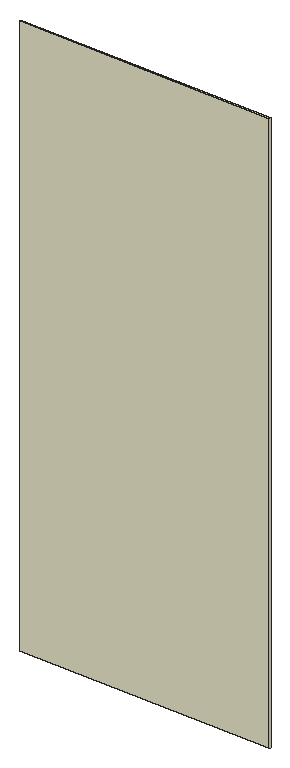
Revit family "MDR MR Honeycomb", category Generic Models, Revit 2017
Family settings
  Can host rebar = No
  Round Connector Dimension = Use Diameter
  Part Type = Normal
  Work Plane-Based = No
  Always vertical = Yes
  Cut with Voids When Loaded = No
  Shared = Yes
  Room Calculation Point = No
Parameters (values of type "2720 x 1200")
  Primed Finich Code = "EX27 MR-HON"  # constant formula
  Panel_width = 1200 mm  # constant formula
  Panel_thickness = 9.5 mm  # constant formula
  Material = none
  URL = "https://www.easycraft.com.au/products/253/expression-series"
  Model = "Expression Series - Honeycomb"  # constant formula
  Manufacturer = "Easycraft Australia Pty Ltd ph 07 3906 7200"  # constant formula
  Panel_height = 2720 mm  # constant formula
  Description = "MDF MR"  # constant formula
  Assembly Code = ""
Reference planes
  plane 1 "Center (Front/Back)": y = 0
  plane 2: z = 0
  plane 3 "Center (Left/Right)": x = 0
  plane 4 "Panel face": y = -9.5
  plane 5: z = 2720
Forms (mm)
  Extrusion 1, solid, material "CLAD smooth"
    sketch origin (0, 0, 0) x (1, 0, 0) y (0, 1, 0)
      loop
        line (0, 0) -> (0, -9.5) -> (1200, -9.5) -> (1200, 0) -> (0, 0)
    from 0 to 2720
Lines and regions (mm)
  model lines, style "easycraft expressions pattern"
    curve 1: line (1170.784, -9.5, 2657.877) -> (1200, -9.5, 2657.877)
    curve 2: line (1170.784, -9.5, 2534.253) -> (1200, -9.5, 2534.253)
    curve 3: line (1129.224, -9.5, 2596.064) -> (1070.792, -9.5, 2596.064)
    curve 4: line (1170.784, -9.5, 2410.631) -> (1200, -9.5, 2410.631)
    curve 5: line (1170.784, -9.5, 2287.008) -> (1200, -9.5, 2287.008)
    curve 6: line (1129.224, -9.5, 2348.82) -> (1070.792, -9.5, 2348.82)
    curve 7: line (1170.783, -9.5, 2163.386) -> (1200, -9.5, 2163.386)
    curve 8: line (1129.224, -9.5, 2225.197) -> (1070.792, -9.5, 2225.197)
    curve 9: line (1170.783, -9.5, 2039.765) -> (1200, -9.5, 2039.765)
    curve 10: line (1129.225, -9.5, 2101.575) -> (1070.792, -9.5, 2101.575)
    curve 11: line (1170.784, -9.5, 1916.143) -> (1200, -9.5, 1916.143)
    curve 12: line (1129.224, -9.5, 1977.954) -> (1070.792, -9.5, 1977.954)
    curve 13: line (1170.784, -9.5, 1792.521) -> (1200, -9.5, 1792.521)
    curve 14: line (1129.224, -9.5, 1854.332) -> (1070.792, -9.5, 1854.332)
    curve 15: line (1170.784, -9.5, 1668.899) -> (1200, -9.5, 1668.899)
    curve 16: line (1129.224, -9.5, 1730.709) -> (1070.792, -9.5, 1730.709)
    curve 17: line (1170.784, -9.5, 1545.276) -> (1200, -9.5, 1545.276)
    curve 18: line (1129.224, -9.5, 1607.087) -> (1070.792, -9.5, 1607.087)
    curve 19: line (1170.784, -9.5, 1421.656) -> (1200, -9.5, 1421.656)
    curve 20: line (1129.224, -9.5, 1483.465) -> (1070.792, -9.5, 1483.465)
    curve 21: line (1170.784, -9.5, 1298.033) -> (1200, -9.5, 1298.033)
    curve 22: line (1129.224, -9.5, 1359.844) -> (1070.793, -9.5, 1359.844)
    curve 23: line (1170.784, -9.5, 1174.411) -> (1200, -9.5, 1174.411)
    curve 24: line (1129.224, -9.5, 1236.222) -> (1070.792, -9.5, 1236.222)
    curve 25: line (1170.784, -9.5, 1050.789) -> (1200, -9.5, 1050.789)
    curve 26: line (1129.224, -9.5, 1112.6) -> (1070.793, -9.5, 1112.6)
    curve 27: line (1170.784, -9.5, 927.167) -> (1200, -9.5, 927.167)
    curve 28: line (1129.224, -9.5, 988.978) -> (1070.791, -9.5, 988.978)
    curve 29: line (1170.784, -9.5, 803.543) -> (1200, -9.5, 803.543)
    curve 30: line (1129.224, -9.5, 865.355) -> (1070.792, -9.5, 865.355)
    curve 31: line (1170.784, -9.5, 679.922) -> (1200, -9.5, 679.922)
    curve 32: line (1129.224, -9.5, 741.733) -> (1070.793, -9.5, 741.733)
    curve 33: line (1170.784, -9.5, 556.3) -> (1200, -9.5, 556.3)
    curve 34: line (1129.224, -9.5, 618.111) -> (1070.791, -9.5, 618.111)
    curve 35: line (1170.784, -9.5, 432.677) -> (1200, -9.5, 432.677)
    curve 36: line (1129.224, -9.5, 494.488) -> (1070.792, -9.5, 494.488)
    curve 37: line (1170.784, -9.5, 309.056) -> (1200, -9.5, 309.056)
    curve 38: line (1129.224, -9.5, 370.868) -> (1070.793, -9.5, 370.868)
    curve 39: line (1170.784, -9.5, 185.434) -> (1200, -9.5, 185.434)
    curve 40: line (1129.224, -9.5, 247.244) -> (1070.791, -9.5, 247.244)
    curve 41: line (1170.785, -9.5, 61.811) -> (1200, -9.5, 61.811)
    curve 42: line (1129.224, -9.5, 123.624) -> (1070.791, -9.5, 123.624)
    curve 43: line (1070.792, -9.5, 2472.441) -> (1029.233, -9.5, 2534.252)
    curve 44: line (1029.233, -9.5, 2534.252) -> (1070.792, -9.5, 2596.064)
    curve 45: line (1070.792, -9.5, 2596.064) -> (1029.233, -9.5, 2657.876)
    curve 46: line (1029.233, -9.5, 2657.876) -> (1070.792, -9.5, 2719.689)
    curve 47: line (1129.224, -9.5, 2719.688) -> (1170.784, -9.5, 2657.877)
    curve 48: line (1170.784, -9.5, 2657.877) -> (1129.224, -9.5, 2596.064)
    curve 49: line (1129.224, -9.5, 2596.064) -> (1170.784, -9.5, 2534.253)
    curve 50: line (1170.784, -9.5, 2534.253) -> (1129.224, -9.5, 2472.442)
    curve 51: line (1129.224, -9.5, 2472.442) -> (1170.784, -9.5, 2410.631)
    curve 52: line (1170.784, -9.5, 2410.631) -> (1129.224, -9.5, 2348.82)
    curve 53: line (1129.224, -9.5, 2348.82) -> (1170.784, -9.5, 2287.008)
    curve 54: line (1170.784, -9.5, 2287.008) -> (1129.224, -9.5, 2225.196)
    curve 55: line (1129.224, -9.5, 2225.196) -> (1170.783, -9.5, 2163.386)
    curve 56: line (1170.784, -9.5, 2163.385) -> (1129.225, -9.5, 2101.575)
    curve 57: line (1129.224, -9.5, 2101.574) -> (1170.783, -9.5, 2039.765)
    curve 58: line (1170.784, -9.5, 2039.765) -> (1129.224, -9.5, 1977.953)
    curve 59: line (1129.224, -9.5, 1977.953) -> (1170.784, -9.5, 1916.143)
    curve 60: line (1170.784, -9.5, 1916.143) -> (1129.224, -9.5, 1854.332)
    curve 61: line (1129.224, -9.5, 1854.332) -> (1170.784, -9.5, 1792.521)
    curve 62: line (1170.784, -9.5, 1792.521) -> (1129.224, -9.5, 1730.709)
    curve 63: line (1129.224, -9.5, 1730.709) -> (1170.784, -9.5, 1668.899)
    curve 64: line (1170.784, -9.5, 1668.899) -> (1129.224, -9.5, 1607.087)
    curve 65: line (1129.224, -9.5, 1607.087) -> (1170.784, -9.5, 1545.276)
    curve 66: line (1170.784, -9.5, 1545.276) -> (1129.224, -9.5, 1483.465)
    curve 67: line (1129.224, -9.5, 1483.465) -> (1170.784, -9.5, 1421.656)
    curve 68: line (1170.784, -9.5, 1421.656) -> (1129.224, -9.5, 1359.844)
    curve 69: line (1129.224, -9.5, 1359.844) -> (1170.784, -9.5, 1298.033)
    curve 70: line (1170.784, -9.5, 1298.033) -> (1129.224, -9.5, 1236.222)
    curve 71: line (1129.224, -9.5, 1236.222) -> (1170.784, -9.5, 1174.411)
    curve 72: line (1170.784, -9.5, 1174.411) -> (1129.224, -9.5, 1112.6)
    curve 73: line (1129.224, -9.5, 1112.6) -> (1170.784, -9.5, 1050.789)
    curve 74: line (1170.784, -9.5, 1050.789) -> (1129.224, -9.5, 988.978)
    curve 75: line (1129.224, -9.5, 988.978) -> (1170.784, -9.5, 927.167)
    curve 76: line (1170.784, -9.5, 927.167) -> (1129.224, -9.5, 865.355)
    curve 77: line (1129.224, -9.5, 865.355) -> (1170.784, -9.5, 803.545)
    curve 78: line (1170.784, -9.5, 803.545) -> (1129.224, -9.5, 741.733)
    curve 79: line (1129.224, -9.5, 741.733) -> (1170.784, -9.5, 679.922)
    curve 80: line (1170.784, -9.5, 679.922) -> (1129.224, -9.5, 618.111)
    curve 81: line (1129.224, -9.5, 618.111) -> (1170.784, -9.5, 556.3)
    curve 82: line (1170.784, -9.5, 556.3) -> (1129.224, -9.5, 494.488)
    curve 83: line (1129.224, -9.5, 494.489) -> (1170.784, -9.5, 432.678)
    curve 84: line (1170.784, -9.5, 432.678) -> (1129.224, -9.5, 370.868)
    curve 85: line (1129.224, -9.5, 370.868) -> (1170.784, -9.5, 309.056)
    curve 86: line (1170.784, -9.5, 309.056) -> (1129.224, -9.5, 247.244)
    curve 87: line (1129.224, -9.5, 247.244) -> (1170.784, -9.5, 185.434)
    curve 88: line (1170.784, -9.5, 185.434) -> (1129.224, -9.5, 123.624)
    curve 89: line (1129.224, -9.5, 123.624) -> (1170.785, -9.5, 61.811)
    curve 90: line (1170.784, -9.5, 61.812) -> (1129.224, -9.5, 0)
    curve 91: line (1070.792, -9.5, 0.001) -> (1029.232, -9.5, 61.812)
    curve 92: line (1029.232, -9.5, 61.812) -> (1070.792, -9.5, 123.622)
    curve 93: line (1070.791, -9.5, 123.624) -> (1029.233, -9.5, 185.434)
    curve 94: line (1029.233, -9.5, 185.434) -> (1070.792, -9.5, 247.244)
    curve 95: line (1070.791, -9.5, 247.244) -> (1029.233, -9.5, 309.054)
    curve 96: line (1029.233, -9.5, 309.054) -> (1070.793, -9.5, 370.868)
    curve 97: line (1070.792, -9.5, 370.867) -> (1029.233, -9.5, 432.678)
    curve 98: line (1029.233, -9.5, 432.678) -> (1070.792, -9.5, 494.489)
    curve 99: line (1070.792, -9.5, 494.489) -> (1029.233, -9.5, 556.3)
    curve 100: line (1029.233, -9.5, 556.3) -> (1070.792, -9.5, 618.11)
    curve 101: line (1070.791, -9.5, 618.111) -> (1029.233, -9.5, 679.921)
    curve 102: line (1029.233, -9.5, 679.921) -> (1070.793, -9.5, 741.733)
    curve 103: line (1070.792, -9.5, 741.732) -> (1029.233, -9.5, 803.543)
    curve 104: line (1029.233, -9.5, 803.543) -> (1070.792, -9.5, 865.355)
    curve 105: line (1070.792, -9.5, 865.355) -> (1029.233, -9.5, 927.167)
    curve 106: line (1029.233, -9.5, 927.167) -> (1070.792, -9.5, 988.976)
    curve 107: line (1070.791, -9.5, 988.978) -> (1029.233, -9.5, 1050.788)
    curve 108: line (1029.233, -9.5, 1050.788) -> (1070.793, -9.5, 1112.6)
    curve 109: line (1070.792, -9.5, 1112.598) -> (1029.233, -9.5, 1174.41)
    curve 110: line (1029.233, -9.5, 1174.41) -> (1070.792, -9.5, 1236.222)
    curve 111: line (1070.792, -9.5, 1236.222) -> (1029.233, -9.5, 1298.031)
    curve 112: line (1029.233, -9.5, 1298.031) -> (1070.793, -9.5, 1359.844)
    curve 113: line (1070.792, -9.5, 1359.843) -> (1029.233, -9.5, 1421.654)
    curve 114: line (1029.233, -9.5, 1421.654) -> (1070.792, -9.5, 1483.465)
    curve 115: line (1070.792, -9.5, 1483.465) -> (1029.233, -9.5, 1545.276)
    curve 116: line (1029.233, -9.5, 1545.276) -> (1070.792, -9.5, 1607.087)
    curve 117: line (1070.792, -9.5, 1607.087) -> (1029.233, -9.5, 1668.899)
    curve 118: line (1029.233, -9.5, 1668.899) -> (1070.792, -9.5, 1730.709)
    curve 119: line (1070.792, -9.5, 1730.709) -> (1029.233, -9.5, 1792.521)
    curve 120: line (1029.233, -9.5, 1792.521) -> (1070.792, -9.5, 1854.332)
    curve 121: line (1070.792, -9.5, 1854.332) -> (1029.233, -9.5, 1916.143)
    curve 122: line (1029.233, -9.5, 1916.143) -> (1070.792, -9.5, 1977.953)
    curve 123: line (1070.792, -9.5, 1977.953) -> (1029.233, -9.5, 2039.763)
    curve 124: line (1029.233, -9.5, 2039.763) -> (1070.792, -9.5, 2101.574)
    curve 125: line (1070.792, -9.5, 2101.574) -> (1029.233, -9.5, 2163.384)
    curve 126: line (1029.233, -9.5, 2163.384) -> (1070.792, -9.5, 2225.195)
    curve 127: line (1070.792, -9.5, 2225.195) -> (1029.233, -9.5, 2287.008)
    curve 128: line (1029.233, -9.5, 2287.008) -> (1070.792, -9.5, 2348.818)
    curve 129: line (1070.792, -9.5, 2348.818) -> (1029.233, -9.5, 2410.63)
    curve 130: line (1029.233, -9.5, 2410.63) -> (1070.792, -9.5, 2472.442)
    curve 131: line (1070.792, -9.5, 2472.442) -> (1129.224, -9.5, 2472.442)
    curve 132: line (1029.233, -9.5, 2657.876) -> (970.8, -9.5, 2657.876)
    curve 133: line (970.8, -9.5, 2657.876) -> (929.241, -9.5, 2596.062)
    curve 134: line (929.241, -9.5, 2596.062) -> (970.799, -9.5, 2534.252)
    curve 135: line (970.8, -9.5, 2534.251) -> (929.241, -9.5, 2472.44)
    curve 136: line (929.241, -9.5, 2472.44) -> (970.8, -9.5, 2410.628)
    curve 137: line (1029.233, -9.5, 2534.252) -> (970.799, -9.5, 2534.252)
    curve 138: line (1029.233, -9.5, 2287.008) -> (970.8, -9.5, 2287.008)
    curve 139: line (1029.233, -9.5, 2163.385) -> (970.8, -9.5, 2163.385)
    curve 140: line (1029.233, -9.5, 2039.764) -> (970.8, -9.5, 2039.764)
    curve 141: line (1029.233, -9.5, 1916.143) -> (970.801, -9.5, 1916.143)
    curve 142: line (1029.233, -9.5, 1792.521) -> (970.8, -9.5, 1792.521)
    curve 143: line (1029.233, -9.5, 1668.899) -> (970.799, -9.5, 1668.899)
    curve 144: line (1029.233, -9.5, 1545.276) -> (970.8, -9.5, 1545.276)
    curve 145: line (1029.233, -9.5, 1421.654) -> (970.8, -9.5, 1421.654)
    curve 146: line (1029.233, -9.5, 1298.031) -> (970.8, -9.5, 1298.031)
    curve 147: line (1029.233, -9.5, 1174.41) -> (970.799, -9.5, 1174.41)
    curve 148: line (1029.233, -9.5, 1050.788) -> (970.801, -9.5, 1050.788)
    curve 149: line (1029.233, -9.5, 927.167) -> (970.8, -9.5, 927.167)
    curve 150: line (1029.233, -9.5, 803.544) -> (970.8, -9.5, 803.544)
    curve 151: line (1029.233, -9.5, 679.921) -> (970.801, -9.5, 679.921)
    curve 152: line (1029.233, -9.5, 556.3) -> (970.8, -9.5, 556.3)
    curve 153: line (1029.233, -9.5, 432.679) -> (970.801, -9.5, 432.679)
    curve 154: line (1029.233, -9.5, 309.054) -> (970.799, -9.5, 309.054)
    curve 155: line (1029.233, -9.5, 185.434) -> (970.8, -9.5, 185.434)
    curve 156: line (1029.233, -9.5, 61.811) -> (970.8, -9.5, 61.811)
    curve 157: line (970.8, -9.5, 2657.876) -> (929.24, -9.5, 2719.688)
    curve 158: line (870.807, -9.5, 2719.69) -> (829.248, -9.5, 2657.872)
    curve 159: line (829.248, -9.5, 2657.872) -> (870.806, -9.5, 2596.062)
    curve 160: line (870.807, -9.5, 2596.061) -> (829.248, -9.5, 2534.249)
    curve 161: line (829.248, -9.5, 2534.249) -> (870.807, -9.5, 2472.438)
    curve 162: line (929.241, -9.5, 2596.062) -> (870.806, -9.5, 2596.062)
    curve 163: line (929.241, -9.5, 2472.44) -> (870.807, -9.5, 2472.44)
    curve 164: line (870.807, -9.5, 2472.44) -> (829.248, -9.5, 2410.628)
    curve 165: line (829.248, -9.5, 2410.628) -> (870.807, -9.5, 2348.818)
    curve 166: line (870.807, -9.5, 2348.818) -> (829.248, -9.5, 2287.007)
    curve 167: line (829.248, -9.5, 2287.007) -> (870.807, -9.5, 2225.197)
    curve 168: line (870.807, -9.5, 2225.197) -> (829.248, -9.5, 2163.387)
    curve 169: line (829.248, -9.5, 2163.386) -> (870.807, -9.5, 2101.575)
    curve 170: line (870.807, -9.5, 2101.575) -> (829.248, -9.5, 2039.764)
    curve 171: line (829.248, -9.5, 2039.764) -> (870.807, -9.5, 1977.952)
    curve 172: line (870.807, -9.5, 1977.952) -> (829.248, -9.5, 1916.144)
    curve 173: line (829.248, -9.5, 1916.144) -> (870.806, -9.5, 1854.332)
    curve 174: line (870.807, -9.5, 1854.331) -> (829.248, -9.5, 1792.521)
    curve 175: line (829.248, -9.5, 1792.521) -> (870.807, -9.5, 1730.71)
    curve 176: line (870.807, -9.5, 1730.71) -> (829.248, -9.5, 1668.899)
    curve 177: line (829.248, -9.5, 1668.899) -> (870.807, -9.5, 1607.088)
    curve 178: line (870.807, -9.5, 1607.088) -> (829.248, -9.5, 1545.276)
    curve 179: line (829.248, -9.5, 1545.276) -> (870.806, -9.5, 1483.466)
    curve 180: line (870.807, -9.5, 1483.464) -> (829.248, -9.5, 1421.653)
    curve 181: line (829.248, -9.5, 1421.653) -> (870.807, -9.5, 1359.842)
    curve 182: line (870.807, -9.5, 1359.842) -> (829.248, -9.5, 1298.033)
    curve 183: line (829.248, -9.5, 1298.033) -> (870.807, -9.5, 1236.22)
    curve 184: line (870.807, -9.5, 1236.22) -> (829.248, -9.5, 1174.41)
    curve 185: line (829.248, -9.5, 1174.41) -> (870.806, -9.5, 1112.598)
    curve 186: line (870.807, -9.5, 1112.596) -> (829.248, -9.5, 1050.788)
    curve 187: line (829.248, -9.5, 1050.788) -> (870.807, -9.5, 988.978)
    curve 188: line (870.807, -9.5, 988.978) -> (829.248, -9.5, 927.166)
    curve 189: line (829.248, -9.5, 927.166) -> (870.807, -9.5, 865.355)
    curve 190: line (870.807, -9.5, 865.355) -> (829.248, -9.5, 803.541)
    curve 191: line (829.248, -9.5, 803.541) -> (870.806, -9.5, 741.731)
    curve 192: line (870.807, -9.5, 741.73) -> (829.248, -9.5, 679.923)
    curve 193: line (829.248, -9.5, 679.923) -> (870.807, -9.5, 618.112)
    curve 194: line (870.807, -9.5, 618.112) -> (829.248, -9.5, 556.301)
    curve 195: line (829.248, -9.5, 556.301) -> (870.807, -9.5, 494.489)
    curve 196: line (870.807, -9.5, 494.489) -> (829.248, -9.5, 432.679)
    curve 197: line (829.248, -9.5, 432.679) -> (870.806, -9.5, 370.869)
    curve 198: line (870.807, -9.5, 370.867) -> (829.248, -9.5, 309.058)
    curve 199: line (829.248, -9.5, 309.058) -> (870.807, -9.5, 247.245)
    curve 200: line (870.807, -9.5, 247.245) -> (829.248, -9.5, 185.436)
    curve 201: line (829.248, -9.5, 185.436) -> (870.807, -9.5, 123.623)
    curve 202: line (870.807, -9.5, 123.623) -> (829.247, -9.5, 61.813)
    curve 203: line (829.247, -9.5, 61.813) -> (870.807, -9.5, 0.001)
    curve 204: line (929.24, -9.5, 0.001) -> (970.8, -9.5, 61.811)
    curve 205: line (970.8, -9.5, 61.811) -> (929.241, -9.5, 123.623)
    curve 206: line (929.241, -9.5, 123.623) -> (970.8, -9.5, 185.434)
    curve 207: line (970.8, -9.5, 185.434) -> (929.241, -9.5, 247.245)
    curve 208: line (929.241, -9.5, 247.245) -> (970.8, -9.5, 309.056)
    curve 209: line (970.799, -9.5, 309.054) -> (929.241, -9.5, 370.869)
    curve 210: line (929.241, -9.5, 370.869) -> (970.801, -9.5, 432.679)
    curve 211: line (970.8, -9.5, 432.678) -> (929.241, -9.5, 494.489)
    curve 212: line (929.241, -9.5, 494.489) -> (970.8, -9.5, 556.3)
    curve 213: line (970.8, -9.5, 556.3) -> (929.241, -9.5, 618.112)
    curve 214: line (929.241, -9.5, 618.112) -> (970.801, -9.5, 679.921)
    curve 215: line (970.8, -9.5, 679.92) -> (929.241, -9.5, 741.731)
    curve 216: line (929.241, -9.5, 741.731) -> (970.8, -9.5, 803.543)
    curve 217: line (970.8, -9.5, 803.544) -> (929.241, -9.5, 865.354)
    curve 218: line (929.241, -9.5, 865.355) -> (970.8, -9.5, 927.167)
    curve 219: line (970.8, -9.5, 927.167) -> (929.241, -9.5, 988.978)
    curve 220: line (929.241, -9.5, 988.978) -> (970.801, -9.5, 1050.788)
    curve 221: line (970.8, -9.5, 1050.786) -> (929.241, -9.5, 1112.598)
    curve 222: line (929.241, -9.5, 1112.598) -> (970.8, -9.5, 1174.408)
    curve 223: line (970.799, -9.5, 1174.41) -> (929.241, -9.5, 1236.22)
    curve 224: line (929.241, -9.5, 1236.22) -> (970.8, -9.5, 1298.031)
    curve 225: line (970.8, -9.5, 1298.031) -> (929.241, -9.5, 1359.842)
    curve 226: line (929.241, -9.5, 1359.842) -> (970.8, -9.5, 1421.654)
    curve 227: line (970.8, -9.5, 1421.654) -> (929.241, -9.5, 1483.466)
    curve 228: line (929.241, -9.5, 1483.466) -> (970.8, -9.5, 1545.276)
    curve 229: line (970.8, -9.5, 1545.276) -> (929.241, -9.5, 1607.088)
    curve 230: line (929.241, -9.5, 1607.088) -> (970.8, -9.5, 1668.897)
    curve 231: line (970.799, -9.5, 1668.899) -> (929.241, -9.5, 1730.71)
    curve 232: line (929.241, -9.5, 1730.71) -> (970.8, -9.5, 1792.521)
    curve 233: line (970.8, -9.5, 1792.521) -> (929.241, -9.5, 1854.332)
    curve 234: line (929.241, -9.5, 1854.332) -> (970.801, -9.5, 1916.143)
    curve 235: line (970.8, -9.5, 1916.141) -> (929.241, -9.5, 1977.952)
    curve 236: line (929.241, -9.5, 1977.952) -> (970.8, -9.5, 2039.763)
    curve 237: line (970.8, -9.5, 2039.763) -> (929.241, -9.5, 2101.575)
    curve 238: line (929.241, -9.5, 2101.575) -> (970.8, -9.5, 2163.384)
    curve 239: line (970.8, -9.5, 2163.384) -> (929.241, -9.5, 2225.197)
    curve 240: line (929.241, -9.5, 2225.197) -> (970.8, -9.5, 2287.008)
    curve 241: line (970.8, -9.5, 2287.008) -> (929.241, -9.5, 2348.818)
    curve 242: line (929.241, -9.5, 2348.818) -> (970.8, -9.5, 2410.63)
    curve 243: line (970.8, -9.5, 2410.63) -> (1029.233, -9.5, 2410.63)
    curve 244: line (929.241, -9.5, 2348.818) -> (870.807, -9.5, 2348.818)
    curve 245: line (929.24, -9.5, 2225.197) -> (870.807, -9.5, 2225.197)
    curve 246: line (929.24, -9.5, 2101.575) -> (870.807, -9.5, 2101.575)
    curve 247: line (929.24, -9.5, 1977.953) -> (870.807, -9.5, 1977.953)
    curve 248: line (929.241, -9.5, 1854.332) -> (870.806, -9.5, 1854.332)
    curve 249: line (929.241, -9.5, 1730.71) -> (870.807, -9.5, 1730.71)
    curve 250: line (929.241, -9.5, 1607.088) -> (870.807, -9.5, 1607.088)
    curve 251: line (929.241, -9.5, 1483.466) -> (870.806, -9.5, 1483.466)
    curve 252: line (929.241, -9.5, 1359.842) -> (870.807, -9.5, 1359.842)
    curve 253: line (929.241, -9.5, 1236.22) -> (870.807, -9.5, 1236.22)
    curve 254: line (929.241, -9.5, 1112.598) -> (870.806, -9.5, 1112.598)
    curve 255: line (929.241, -9.5, 988.978) -> (870.807, -9.5, 988.978)
    curve 256: line (929.241, -9.5, 865.354) -> (870.807, -9.5, 865.354)
    curve 257: line (929.241, -9.5, 741.731) -> (870.806, -9.5, 741.731)
    curve 258: line (929.241, -9.5, 618.112) -> (870.807, -9.5, 618.112)
    curve 259: line (929.24, -9.5, 494.489) -> (870.807, -9.5, 494.489)
    curve 260: line (929.241, -9.5, 370.869) -> (870.806, -9.5, 370.869)
    curve 261: line (929.241, -9.5, 247.245) -> (870.807, -9.5, 247.245)
    curve 262: line (929.241, -9.5, 123.623) -> (870.807, -9.5, 123.623)
    curve 263: line (829.248, -9.5, 2657.872) -> (770.816, -9.5, 2657.872)
    curve 264: line (770.816, -9.5, 2657.872) -> (729.256, -9.5, 2596.059)
    curve 265: line (729.256, -9.5, 2596.059) -> (770.816, -9.5, 2534.249)
    curve 266: line (770.816, -9.5, 2534.249) -> (729.256, -9.5, 2472.438)
    curve 267: line (729.256, -9.5, 2472.438) -> (770.816, -9.5, 2410.626)
    curve 268: line (829.248, -9.5, 2534.249) -> (770.816, -9.5, 2534.249)
    curve 269: line (829.248, -9.5, 2410.628) -> (770.816, -9.5, 2410.628)
    curve 270: line (770.816, -9.5, 2410.628) -> (729.256, -9.5, 2348.818)
    curve 271: line (729.256, -9.5, 2348.818) -> (770.816, -9.5, 2287.007)
    curve 272: line (770.816, -9.5, 2287.007) -> (729.256, -9.5, 2225.197)
    curve 273: line (729.256, -9.5, 2225.197) -> (770.816, -9.5, 2163.386)
    curve 274: line (770.816, -9.5, 2163.386) -> (729.256, -9.5, 2101.575)
    curve 275: line (729.256, -9.5, 2101.575) -> (770.816, -9.5, 2039.764)
    curve 276: line (829.248, -9.5, 2287.007) -> (770.816, -9.5, 2287.007)
    curve 277: line (829.248, -9.5, 2163.387) -> (770.816, -9.5, 2163.387)
    curve 278: line (829.248, -9.5, 2039.766) -> (770.816, -9.5, 2039.766)
    curve 279: line (770.816, -9.5, 2039.766) -> (729.256, -9.5, 1977.954)
    curve 280: line (729.256, -9.5, 1977.954) -> (770.816, -9.5, 1916.143)
    curve 281: line (770.816, -9.5, 1916.143) -> (729.256, -9.5, 1854.333)
    curve 282: line (729.256, -9.5, 1854.333) -> (770.816, -9.5, 1792.521)
    curve 283: line (770.816, -9.5, 1792.521) -> (729.256, -9.5, 1730.709)
    curve 284: line (729.256, -9.5, 1730.709) -> (770.816, -9.5, 1668.898)
    curve 285: line (829.248, -9.5, 1916.144) -> (770.816, -9.5, 1916.144)
    curve 286: line (829.248, -9.5, 1792.521) -> (770.816, -9.5, 1792.521)
    curve 287: line (829.248, -9.5, 1668.899) -> (770.816, -9.5, 1668.899)
    curve 288: line (770.816, -9.5, 1668.899) -> (729.256, -9.5, 1607.086)
    curve 289: line (729.256, -9.5, 1607.086) -> (770.815, -9.5, 1545.276)
    curve 290: line (770.816, -9.5, 1545.274) -> (729.256, -9.5, 1483.464)
    curve 291: line (729.256, -9.5, 1483.464) -> (770.815, -9.5, 1421.653)
    curve 292: line (770.816, -9.5, 1421.652) -> (729.256, -9.5, 1359.844)
    curve 293: line (729.256, -9.5, 1359.844) -> (770.816, -9.5, 1298.033)
    curve 294: line (770.816, -9.5, 1298.033) -> (729.256, -9.5, 1236.222)
    curve 295: line (729.256, -9.5, 1236.222) -> (770.816, -9.5, 1174.41)
    curve 296: line (770.816, -9.5, 1174.41) -> (729.256, -9.5, 1112.6)
    curve 297: line (729.256, -9.5, 1112.6) -> (770.816, -9.5, 1050.788)
    curve 298: line (770.816, -9.5, 1050.788) -> (729.256, -9.5, 988.977)
    curve 299: line (729.256, -9.5, 988.977) -> (770.816, -9.5, 927.166)
    curve 300: line (770.816, -9.5, 927.166) -> (729.256, -9.5, 865.355)
    curve 301: line (729.256, -9.5, 865.355) -> (770.815, -9.5, 803.542)
    curve 302: line (770.816, -9.5, 803.541) -> (729.256, -9.5, 741.733)
    curve 303: line (729.256, -9.5, 741.733) -> (770.816, -9.5, 679.922)
    curve 304: line (829.248, -9.5, 1545.276) -> (770.815, -9.5, 1545.276)
    curve 305: line (829.248, -9.5, 1421.653) -> (770.815, -9.5, 1421.653)
    curve 306: line (829.248, -9.5, 1298.033) -> (770.816, -9.5, 1298.033)
    curve 307: line (829.248, -9.5, 1174.41) -> (770.816, -9.5, 1174.41)
    curve 308: line (829.248, -9.5, 1050.788) -> (770.816, -9.5, 1050.788)
    curve 309: line (829.248, -9.5, 927.166) -> (770.816, -9.5, 927.166)
    curve 310: line (829.248, -9.5, 803.542) -> (770.815, -9.5, 803.542)
    curve 311: line (829.248, -9.5, 679.923) -> (770.816, -9.5, 679.923)
    curve 312: line (770.816, -9.5, 679.923) -> (729.256, -9.5, 618.111)
    curve 313: line (729.256, -9.5, 618.111) -> (770.815, -9.5, 556.301)
    curve 314: line (770.816, -9.5, 556.299) -> (729.256, -9.5, 494.49)
    curve 315: line (729.256, -9.5, 494.49) -> (770.816, -9.5, 432.679)
    curve 316: line (770.816, -9.5, 432.679) -> (729.256, -9.5, 370.868)
    curve 317: line (729.256, -9.5, 370.868) -> (770.816, -9.5, 309.056)
    curve 318: line (829.248, -9.5, 556.301) -> (770.815, -9.5, 556.301)
    curve 319: line (829.248, -9.5, 432.678) -> (770.816, -9.5, 432.678)
    curve 320: line (829.248, -9.5, 185.436) -> (770.816, -9.5, 185.436)
    curve 321: line (829.248, -9.5, 61.813) -> (770.816, -9.5, 61.813)
    curve 322: line (770.816, -9.5, 2657.872) -> (729.26, -9.5, 2719.682)
    curve 323: line (670.823, -9.5, 2719.69) -> (629.263, -9.5, 2657.869)
    curve 324: line (629.263, -9.5, 2657.869) -> (670.822, -9.5, 2596.059)
    curve 325: line (670.823, -9.5, 2596.057) -> (629.263, -9.5, 2534.249)
    curve 326: line (629.263, -9.5, 2534.249) -> (670.822, -9.5, 2472.438)
    curve 327: line (729.256, -9.5, 2596.059) -> (670.822, -9.5, 2596.059)
    curve 328: line (729.256, -9.5, 2472.438) -> (670.822, -9.5, 2472.438)
    curve 329: line (670.823, -9.5, 2472.438) -> (629.263, -9.5, 2410.628)
    curve 330: line (629.263, -9.5, 2410.628) -> (670.822, -9.5, 2348.818)
    curve 331: line (670.823, -9.5, 2348.817) -> (629.263, -9.5, 2287.009)
    curve 332: line (629.263, -9.5, 2287.009) -> (670.823, -9.5, 2225.197)
    curve 333: line (670.823, -9.5, 2225.197) -> (629.263, -9.5, 2163.387)
    curve 334: line (629.263, -9.5, 2163.387) -> (670.821, -9.5, 2101.577)
    curve 335: line (670.823, -9.5, 2101.575) -> (629.263, -9.5, 2039.764)
    curve 336: line (629.263, -9.5, 2039.764) -> (670.821, -9.5, 1977.956)
    curve 337: line (670.823, -9.5, 1977.954) -> (629.263, -9.5, 1916.144)
    curve 338: line (629.263, -9.5, 1916.144) -> (670.823, -9.5, 1854.333)
    curve 339: line (670.823, -9.5, 1854.333) -> (629.263, -9.5, 1792.519)
    curve 340: line (629.263, -9.5, 1792.519) -> (670.822, -9.5, 1730.709)
    curve 341: line (670.823, -9.5, 1730.708) -> (629.263, -9.5, 1668.896)
    curve 342: line (629.263, -9.5, 1668.896) -> (670.822, -9.5, 1607.086)
    curve 343: line (670.823, -9.5, 1607.084) -> (629.263, -9.5, 1545.275)
    curve 344: line (629.263, -9.5, 1545.275) -> (670.823, -9.5, 1483.464)
    curve 345: line (670.823, -9.5, 1483.464) -> (629.263, -9.5, 1421.654)
    curve 346: line (629.263, -9.5, 1421.654) -> (670.822, -9.5, 1359.844)
    curve 347: line (670.823, -9.5, 1359.843) -> (629.263, -9.5, 1298.032)
    curve 348: line (629.263, -9.5, 1298.032) -> (670.822, -9.5, 1236.222)
    curve 349: line (670.823, -9.5, 1236.22) -> (629.263, -9.5, 1174.41)
    curve 350: line (629.263, -9.5, 1174.41) -> (670.822, -9.5, 1112.6)
    curve 351: line (670.823, -9.5, 1112.598) -> (629.263, -9.5, 1050.789)
    curve 352: line (629.263, -9.5, 1050.789) -> (670.823, -9.5, 988.977)
    curve 353: line (670.823, -9.5, 988.977) -> (629.263, -9.5, 927.167)
    curve 354: line (629.263, -9.5, 927.167) -> (670.823, -9.5, 865.355)
    curve 355: line (670.823, -9.5, 865.355) -> (629.263, -9.5, 803.544)
    curve 356: line (629.263, -9.5, 803.544) -> (670.822, -9.5, 741.733)
    curve 357: line (670.823, -9.5, 741.732) -> (629.263, -9.5, 679.922)
    curve 358: line (629.263, -9.5, 679.922) -> (670.823, -9.5, 618.111)
    curve 359: line (670.823, -9.5, 618.111) -> (629.263, -9.5, 556.301)
    curve 360: line (629.263, -9.5, 556.301) -> (670.823, -9.5, 494.49)
    curve 361: line (670.823, -9.5, 494.49) -> (629.263, -9.5, 432.678)
    curve 362: line (629.263, -9.5, 432.678) -> (670.822, -9.5, 370.868)
    curve 363: line (670.823, -9.5, 370.866) -> (629.263, -9.5, 309.057)
    curve 364: line (629.263, -9.5, 309.057) -> (670.823, -9.5, 247.246)
    curve 365: line (670.823, -9.5, 247.246) -> (629.263, -9.5, 185.436)
    curve 366: line (629.263, -9.5, 185.436) -> (670.823, -9.5, 123.623)
    curve 367: line (670.823, -9.5, 123.623) -> (629.262, -9.5, 61.814)
    curve 368: line (629.263, -9.5, 61.813) -> (670.822, -9.5, 0.002)
    curve 369: line (729.256, -9.5, 0.002) -> (770.816, -9.5, 61.813)
    curve 370: line (770.816, -9.5, 61.812) -> (729.256, -9.5, 123.623)
    curve 371: line (729.256, -9.5, 123.623) -> (770.816, -9.5, 185.436)
    curve 372: line (770.816, -9.5, 185.434) -> (729.256, -9.5, 247.246)
    curve 373: line (729.256, -9.5, 247.246) -> (770.816, -9.5, 309.058)
    curve 374: line (770.816, -9.5, 309.058) -> (829.248, -9.5, 309.058)
    curve 375: line (729.256, -9.5, 2348.818) -> (670.822, -9.5, 2348.818)
    curve 376: line (729.255, -9.5, 2225.198) -> (670.823, -9.5, 2225.198)
    curve 377: line (729.255, -9.5, 2101.577) -> (670.821, -9.5, 2101.577)
    curve 378: line (729.255, -9.5, 1977.956) -> (670.821, -9.5, 1977.956)
    curve 379: line (729.256, -9.5, 1854.333) -> (670.823, -9.5, 1854.333)
    curve 380: line (729.256, -9.5, 1730.709) -> (670.822, -9.5, 1730.709)
    curve 381: line (729.256, -9.5, 1607.086) -> (670.822, -9.5, 1607.086)
    curve 382: line (729.256, -9.5, 1483.464) -> (670.823, -9.5, 1483.464)
    curve 383: line (729.256, -9.5, 1359.844) -> (670.822, -9.5, 1359.844)
    curve 384: line (729.256, -9.5, 1236.222) -> (670.822, -9.5, 1236.222)
    curve 385: line (729.256, -9.5, 1112.6) -> (670.822, -9.5, 1112.6)
    curve 386: line (729.256, -9.5, 988.977) -> (670.823, -9.5, 988.977)
    curve 387: line (729.255, -9.5, 865.355) -> (670.823, -9.5, 865.355)
    curve 388: line (729.256, -9.5, 741.733) -> (670.822, -9.5, 741.733)
    curve 389: line (729.256, -9.5, 618.111) -> (670.823, -9.5, 618.111)
    curve 390: line (729.255, -9.5, 494.489) -> (670.823, -9.5, 494.489)
    curve 391: line (729.256, -9.5, 370.868) -> (670.822, -9.5, 370.868)
    curve 392: line (729.256, -9.5, 247.246) -> (670.823, -9.5, 247.246)
    curve 393: line (729.256, -9.5, 123.623) -> (670.823, -9.5, 123.623)
    curve 394: line (629.263, -9.5, 2657.869) -> (570.831, -9.5, 2657.869)
    curve 395: line (570.831, -9.5, 2657.869) -> (529.272, -9.5, 2596.059)
    curve 396: line (529.272, -9.5, 2596.059) -> (570.831, -9.5, 2534.249)
    curve 397: line (570.831, -9.5, 2534.249) -> (529.272, -9.5, 2472.438)
    curve 398: line (529.272, -9.5, 2472.438) -> (570.831, -9.5, 2410.627)
    curve 399: line (629.263, -9.5, 2534.249) -> (570.831, -9.5, 2534.249)
    curve 400: line (629.263, -9.5, 2287.009) -> (570.83, -9.5, 2287.009)
    curve 401: line (629.263, -9.5, 2163.389) -> (570.83, -9.5, 2163.389)
    curve 402: line (629.263, -9.5, 2039.765) -> (570.831, -9.5, 2039.765)
    curve 403: line (629.263, -9.5, 1916.144) -> (570.83, -9.5, 1916.144)
    curve 404: line (629.263, -9.5, 1792.519) -> (570.832, -9.5, 1792.519)
    curve 405: line (629.263, -9.5, 1668.896) -> (570.83, -9.5, 1668.896)
    curve 406: line (629.263, -9.5, 1545.275) -> (570.831, -9.5, 1545.275)
    curve 407: line (629.263, -9.5, 1421.654) -> (570.832, -9.5, 1421.654)
    curve 408: line (629.263, -9.5, 1298.032) -> (570.83, -9.5, 1298.032)
    curve 409: line (629.263, -9.5, 1174.41) -> (570.831, -9.5, 1174.41)
    curve 410: line (629.263, -9.5, 1050.789) -> (570.831, -9.5, 1050.789)
    curve 411: line (629.263, -9.5, 927.167) -> (570.831, -9.5, 927.167)
    curve 412: line (629.263, -9.5, 803.544) -> (570.831, -9.5, 803.544)
    curve 413: line (629.263, -9.5, 679.922) -> (570.831, -9.5, 679.922)
    curve 414: line (629.263, -9.5, 556.301) -> (570.832, -9.5, 556.301)
    curve 415: line (629.263, -9.5, 432.679) -> (570.831, -9.5, 432.679)
    curve 416: line (629.263, -9.5, 309.057) -> (570.831, -9.5, 309.057)
    curve 417: line (629.263, -9.5, 185.436) -> (570.832, -9.5, 185.436)
    curve 418: line (629.262, -9.5, 61.814) -> (570.832, -9.5, 61.814)
    curve 419: line (570.831, -9.5, 2657.869) -> (529.271, -9.5, 2719.69)
    curve 420: line (470.838, -9.5, 2719.691) -> (429.279, -9.5, 2657.869)
    curve 421: line (429.279, -9.5, 2657.869) -> (470.837, -9.5, 2596.059)
    curve 422: line (470.838, -9.5, 2596.058) -> (429.279, -9.5, 2534.25)
    curve 423: line (429.279, -9.5, 2534.25) -> (470.837, -9.5, 2472.438)
    curve 424: line (529.272, -9.5, 2596.059) -> (470.837, -9.5, 2596.059)
    curve 425: line (529.272, -9.5, 2472.438) -> (470.837, -9.5, 2472.438)
    curve 426: line (470.838, -9.5, 2472.438) -> (429.279, -9.5, 2410.629)
    curve 427: line (429.279, -9.5, 2410.629) -> (470.837, -9.5, 2348.819)
    curve 428: line (529.272, -9.5, 2348.819) -> (470.837, -9.5, 2348.819)
    curve 429: line (470.838, -9.5, 2348.819) -> (429.279, -9.5, 2287.005)
    curve 430: line (429.279, -9.5, 2287.005) -> (470.838, -9.5, 2225.194)
    curve 431: line (470.838, -9.5, 2225.194) -> (429.279, -9.5, 2163.383)
    curve 432: line (429.279, -9.5, 2163.383) -> (470.838, -9.5, 2101.572)
    curve 433: line (470.838, -9.5, 2101.572) -> (429.279, -9.5, 2039.761)
    curve 434: line (429.279, -9.5, 2039.761) -> (470.838, -9.5, 1977.954)
    curve 435: line (470.838, -9.5, 1977.954) -> (429.279, -9.5, 1916.141)
    curve 436: line (429.279, -9.5, 1916.141) -> (470.838, -9.5, 1854.329)
    curve 437: line (470.838, -9.5, 1854.329) -> (429.279, -9.5, 1792.519)
    curve 438: line (429.279, -9.5, 1792.519) -> (470.838, -9.5, 1730.707)
    curve 439: line (470.838, -9.5, 1730.707) -> (429.279, -9.5, 1668.896)
    curve 440: line (429.279, -9.5, 1668.896) -> (470.837, -9.5, 1607.086)
    curve 441: line (470.838, -9.5, 1607.085) -> (429.279, -9.5, 1545.276)
    curve 442: line (429.279, -9.5, 1545.276) -> (470.838, -9.5, 1483.464)
    curve 443: line (470.838, -9.5, 1483.464) -> (429.279, -9.5, 1421.652)
    curve 444: line (429.279, -9.5, 1421.652) -> (470.838, -9.5, 1359.841)
    curve 445: line (529.272, -9.5, 2225.195) -> (470.838, -9.5, 2225.195)
    curve 446: line (529.271, -9.5, 2101.572) -> (470.838, -9.5, 2101.572)
    curve 447: line (529.271, -9.5, 1977.954) -> (470.838, -9.5, 1977.954)
    curve 448: line (529.272, -9.5, 1854.329) -> (470.838, -9.5, 1854.329)
    curve 449: line (529.272, -9.5, 1730.707) -> (470.838, -9.5, 1730.707)
    curve 450: line (529.272, -9.5, 1607.086) -> (470.837, -9.5, 1607.086)
    curve 451: line (529.272, -9.5, 1483.464) -> (470.838, -9.5, 1483.464)
    curve 452: line (529.272, -9.5, 1359.842) -> (470.838, -9.5, 1359.842)
    curve 453: line (470.838, -9.5, 1359.842) -> (429.279, -9.5, 1298.033)
    curve 454: line (429.279, -9.5, 1298.033) -> (470.838, -9.5, 1236.221)
    curve 455: line (470.838, -9.5, 1236.221) -> (429.279, -9.5, 1174.41)
    curve 456: line (429.279, -9.5, 1174.41) -> (470.837, -9.5, 1112.6)
    curve 457: line (470.838, -9.5, 1112.599) -> (429.279, -9.5, 1050.788)
    curve 458: line (429.279, -9.5, 1050.788) -> (470.838, -9.5, 988.977)
    curve 459: line (529.272, -9.5, 1236.221) -> (470.838, -9.5, 1236.221)
    curve 460: line (529.272, -9.5, 1112.6) -> (470.837, -9.5, 1112.6)
    curve 461: line (529.272, -9.5, 988.978) -> (470.838, -9.5, 988.978)
    curve 462: line (470.838, -9.5, 988.978) -> (429.279, -9.5, 927.167)
    curve 463: line (429.279, -9.5, 927.167) -> (470.838, -9.5, 865.356)
    curve 464: line (470.838, -9.5, 865.356) -> (429.279, -9.5, 803.545)
    curve 465: line (429.279, -9.5, 803.545) -> (470.838, -9.5, 741.734)
    curve 466: line (470.838, -9.5, 741.734) -> (429.279, -9.5, 679.922)
    curve 467: line (429.279, -9.5, 679.922) -> (470.838, -9.5, 618.11)
    curve 468: line (470.838, -9.5, 618.11) -> (429.279, -9.5, 556.299)
    curve 469: line (429.279, -9.5, 556.299) -> (470.838, -9.5, 494.49)
    curve 470: line (470.838, -9.5, 494.489) -> (429.279, -9.5, 432.677)
    curve 471: line (429.279, -9.5, 432.677) -> (470.837, -9.5, 370.868)
    curve 472: line (470.838, -9.5, 370.867) -> (429.279, -9.5, 309.056)
    curve 473: line (429.279, -9.5, 309.056) -> (470.837, -9.5, 247.246)
    curve 474: line (470.838, -9.5, 247.245) -> (429.279, -9.5, 185.435)
    curve 475: line (429.279, -9.5, 185.435) -> (470.837, -9.5, 123.625)
    curve 476: line (470.838, -9.5, 123.624) -> (429.278, -9.5, 61.814)
    curve 477: line (429.278, -9.5, 61.814) -> (470.838, -9.5, 0.003)
    curve 478: line (529.271, -9.5, 0.003) -> (570.832, -9.5, 61.814)
    curve 479: line (570.831, -9.5, 61.813) -> (529.272, -9.5, 123.625)
    curve 480: line (529.272, -9.5, 123.625) -> (570.832, -9.5, 185.436)
    curve 481: line (570.831, -9.5, 185.435) -> (529.272, -9.5, 247.246)
    curve 482: line (529.272, -9.5, 247.246) -> (570.831, -9.5, 309.057)
    curve 483: line (570.831, -9.5, 309.057) -> (529.272, -9.5, 370.868)
    curve 484: line (529.272, -9.5, 370.868) -> (570.831, -9.5, 432.679)
    curve 485: line (570.831, -9.5, 432.678) -> (529.272, -9.5, 494.489)
    curve 486: line (529.272, -9.5, 494.489) -> (570.832, -9.5, 556.301)
    curve 487: line (570.831, -9.5, 556.3) -> (529.272, -9.5, 618.11)
    curve 488: line (529.272, -9.5, 618.11) -> (570.831, -9.5, 679.922)
    curve 489: line (570.831, -9.5, 679.922) -> (529.272, -9.5, 741.734)
    curve 490: line (529.272, -9.5, 741.734) -> (570.831, -9.5, 803.544)
    curve 491: line (570.831, -9.5, 803.544) -> (529.272, -9.5, 865.356)
    curve 492: line (529.272, -9.5, 865.356) -> (570.831, -9.5, 927.167)
    curve 493: line (570.831, -9.5, 927.167) -> (529.272, -9.5, 988.978)
    curve 494: line (529.272, -9.5, 988.978) -> (570.831, -9.5, 1050.789)
    curve 495: line (570.831, -9.5, 1050.789) -> (529.272, -9.5, 1112.6)
    curve 496: line (529.272, -9.5, 1112.6) -> (570.831, -9.5, 1174.41)
    curve 497: line (570.831, -9.5, 1174.41) -> (529.272, -9.5, 1236.221)
    curve 498: line (529.272, -9.5, 1236.221) -> (570.831, -9.5, 1298.031)
    curve 499: line (570.83, -9.5, 1298.032) -> (529.272, -9.5, 1359.842)
    curve 500: line (529.272, -9.5, 1359.842) -> (570.832, -9.5, 1421.654)
    curve 501: line (570.831, -9.5, 1421.653) -> (529.272, -9.5, 1483.464)
    curve 502: line (529.272, -9.5, 1483.464) -> (570.831, -9.5, 1545.275)
    curve 503: line (570.831, -9.5, 1545.275) -> (529.272, -9.5, 1607.086)
    curve 504: line (529.272, -9.5, 1607.086) -> (570.831, -9.5, 1668.894)
    curve 505: line (570.83, -9.5, 1668.896) -> (529.272, -9.5, 1730.707)
    curve 506: line (529.272, -9.5, 1730.707) -> (570.832, -9.5, 1792.519)
    curve 507: line (570.831, -9.5, 1792.518) -> (529.272, -9.5, 1854.329)
    curve 508: line (529.272, -9.5, 1854.329) -> (570.831, -9.5, 1916.142)
    curve 509: line (570.83, -9.5, 1916.144) -> (529.272, -9.5, 1977.954)
    curve 510: line (529.272, -9.5, 1977.954) -> (570.831, -9.5, 2039.764)
    curve 511: line (570.831, -9.5, 2039.764) -> (529.271, -9.5, 2101.572)
    curve 512: line (529.272, -9.5, 2101.572) -> (570.831, -9.5, 2163.387)
    curve 513: line (570.83, -9.5, 2163.389) -> (529.272, -9.5, 2225.194)
    curve 514: line (529.272, -9.5, 2225.195) -> (570.831, -9.5, 2287.008)
    curve 515: line (570.83, -9.5, 2287.009) -> (529.272, -9.5, 2348.819)
    curve 516: line (529.272, -9.5, 2348.819) -> (570.831, -9.5, 2410.628)
    curve 517: line (570.831, -9.5, 2410.628) -> (629.263, -9.5, 2410.628)
    curve 518: line (529.271, -9.5, 865.355) -> (470.838, -9.5, 865.355)
    curve 519: line (529.272, -9.5, 741.734) -> (470.838, -9.5, 741.734)
    curve 520: line (529.272, -9.5, 618.11) -> (470.838, -9.5, 618.11)
    curve 521: line (529.271, -9.5, 494.49) -> (470.838, -9.5, 494.49)
    curve 522: line (529.272, -9.5, 370.868) -> (470.837, -9.5, 370.868)
    curve 523: line (529.272, -9.5, 247.246) -> (470.837, -9.5, 247.246)
    curve 524: line (529.272, -9.5, 123.625) -> (470.837, -9.5, 123.625)
    curve 525: line (429.279, -9.5, 2657.869) -> (370.846, -9.5, 2657.869)
    curve 526: line (370.846, -9.5, 2657.869) -> (329.287, -9.5, 2596.061)
    curve 527: line (329.287, -9.5, 2596.061) -> (370.846, -9.5, 2534.25)
    curve 528: line (370.846, -9.5, 2534.25) -> (329.287, -9.5, 2472.439)
    curve 529: line (329.287, -9.5, 2472.439) -> (370.846, -9.5, 2410.628)
    curve 530: line (429.279, -9.5, 2534.25) -> (370.846, -9.5, 2534.25)
    curve 531: line (429.279, -9.5, 2287.005) -> (370.846, -9.5, 2287.005)
    curve 532: line (429.279, -9.5, 2163.385) -> (370.845, -9.5, 2163.385)
    curve 533: line (429.279, -9.5, 2039.762) -> (370.846, -9.5, 2039.762)
    curve 534: line (429.279, -9.5, 1916.141) -> (370.848, -9.5, 1916.141)
    curve 535: line (429.279, -9.5, 1792.519) -> (370.847, -9.5, 1792.519)
    curve 536: line (429.279, -9.5, 1668.896) -> (370.845, -9.5, 1668.896)
    curve 537: line (429.279, -9.5, 1545.276) -> (370.846, -9.5, 1545.276)
    curve 538: line (429.279, -9.5, 1421.652) -> (370.847, -9.5, 1421.652)
    curve 539: line (429.279, -9.5, 1298.033) -> (370.845, -9.5, 1298.033)
    curve 540: line (429.279, -9.5, 1174.41) -> (370.846, -9.5, 1174.41)
    curve 541: line (429.279, -9.5, 1050.788) -> (370.846, -9.5, 1050.788)
    curve 542: line (429.279, -9.5, 927.167) -> (370.846, -9.5, 927.167)
    curve 543: line (429.279, -9.5, 803.544) -> (370.846, -9.5, 803.544)
    curve 544: line (429.279, -9.5, 679.922) -> (370.846, -9.5, 679.922)
    curve 545: line (429.279, -9.5, 556.299) -> (370.846, -9.5, 556.299)
    curve 546: line (429.279, -9.5, 432.677) -> (370.846, -9.5, 432.677)
    curve 547: line (429.279, -9.5, 309.056) -> (370.845, -9.5, 309.056)
    curve 548: line (429.279, -9.5, 185.435) -> (370.847, -9.5, 185.435)
    curve 549: line (429.279, -9.5, 61.815) -> (370.847, -9.5, 61.815)
    curve 550: line (370.846, -9.5, 2657.869) -> (329.293, -9.5, 2719.679)
    curve 551: line (270.854, -9.5, 2719.692) -> (229.294, -9.5, 2657.871)
    curve 552: line (229.294, -9.5, 2657.871) -> (270.853, -9.5, 2596.061)
    curve 553: line (270.854, -9.5, 2596.06) -> (229.294, -9.5, 2534.249)
    curve 554: line (229.294, -9.5, 2534.249) -> (270.854, -9.5, 2472.438)
    curve 555: line (329.287, -9.5, 2596.061) -> (270.853, -9.5, 2596.061)
    curve 556: line (329.287, -9.5, 2472.439) -> (270.854, -9.5, 2472.439)
    curve 557: line (270.854, -9.5, 2472.439) -> (229.294, -9.5, 2410.638)
    curve 558: line (229.294, -9.5, 2410.638) -> (270.854, -9.5, 2348.817)
    curve 559: line (270.854, -9.5, 2348.817) -> (229.294, -9.5, 2287.006)
    curve 560: line (229.294, -9.5, 2287.006) -> (270.852, -9.5, 2225.197)
    curve 561: line (270.854, -9.5, 2225.195) -> (229.294, -9.5, 2163.382)
    curve 562: line (229.294, -9.5, 2163.382) -> (270.852, -9.5, 2101.573)
    curve 563: line (270.854, -9.5, 2101.571) -> (229.294, -9.5, 2039.762)
    curve 564: line (229.294, -9.5, 2039.762) -> (270.852, -9.5, 1977.952)
    curve 565: line (270.854, -9.5, 1977.95) -> (229.294, -9.5, 1916.139)
    curve 566: line (229.294, -9.5, 1916.139) -> (270.853, -9.5, 1854.329)
    curve 567: line (270.854, -9.5, 1854.327) -> (229.294, -9.5, 1792.516)
    curve 568: line (229.294, -9.5, 1792.516) -> (270.853, -9.5, 1730.706)
    curve 569: line (270.854, -9.5, 1730.705) -> (229.294, -9.5, 1668.897)
    curve 570: line (229.294, -9.5, 1668.897) -> (270.853, -9.5, 1607.087)
    curve 571: line (270.854, -9.5, 1607.086) -> (229.294, -9.5, 1545.272)
    curve 572: line (229.294, -9.5, 1545.272) -> (270.853, -9.5, 1483.462)
    curve 573: line (270.854, -9.5, 1483.461) -> (229.294, -9.5, 1421.653)
    curve 574: line (229.294, -9.5, 1421.653) -> (270.853, -9.5, 1359.843)
    curve 575: line (270.854, -9.5, 1359.841) -> (229.294, -9.5, 1298.032)
    curve 576: line (229.294, -9.5, 1298.032) -> (270.853, -9.5, 1236.222)
    curve 577: line (270.854, -9.5, 1236.22) -> (229.294, -9.5, 1174.41)
    curve 578: line (229.294, -9.5, 1174.41) -> (270.853, -9.5, 1112.6)
    curve 579: line (270.854, -9.5, 1112.598) -> (229.294, -9.5, 1050.789)
    curve 580: line (229.294, -9.5, 1050.789) -> (270.853, -9.5, 988.979)
    curve 581: line (270.854, -9.5, 988.977) -> (229.294, -9.5, 927.168)
    curve 582: line (229.294, -9.5, 927.168) -> (270.853, -9.5, 865.357)
    curve 583: line (270.854, -9.5, 865.357) -> (229.294, -9.5, 803.543)
    curve 584: line (229.294, -9.5, 803.543) -> (270.853, -9.5, 741.733)
    curve 585: line (270.854, -9.5, 741.732) -> (229.294, -9.5, 679.922)
    curve 586: line (229.294, -9.5, 679.922) -> (270.854, -9.5, 618.111)
    curve 587: line (270.854, -9.5, 618.111) -> (229.294, -9.5, 556.299)
    curve 588: line (229.294, -9.5, 556.299) -> (270.854, -9.5, 494.489)
    curve 589: line (270.854, -9.5, 494.489) -> (229.294, -9.5, 432.676)
    curve 590: line (229.294, -9.5, 432.676) -> (270.853, -9.5, 370.866)
    curve 591: line (270.854, -9.5, 370.865) -> (229.294, -9.5, 309.057)
    curve 592: line (229.294, -9.5, 309.057) -> (270.854, -9.5, 247.246)
    curve 593: line (270.854, -9.5, 247.246) -> (229.294, -9.5, 185.435)
    curve 594: line (229.294, -9.5, 185.435) -> (270.853, -9.5, 123.625)
    curve 595: line (270.854, -9.5, 123.625) -> (229.294, -9.5, 61.815)
    curve 596: line (229.294, -9.5, 61.815) -> (270.853, -9.5, 0.003)
    curve 597: line (329.286, -9.5, 0.003) -> (370.847, -9.5, 61.815)
    curve 598: line (370.846, -9.5, 61.813) -> (329.287, -9.5, 123.625)
    curve 599: line (329.287, -9.5, 123.625) -> (370.847, -9.5, 185.435)
    curve 600: line (370.846, -9.5, 185.434) -> (329.287, -9.5, 247.246)
    curve 601: line (329.287, -9.5, 247.246) -> (370.846, -9.5, 309.055)
    curve 602: line (370.845, -9.5, 309.056) -> (329.287, -9.5, 370.866)
    curve 603: line (329.287, -9.5, 370.866) -> (370.846, -9.5, 432.677)
    curve 604: line (370.846, -9.5, 432.677) -> (329.287, -9.5, 494.489)
    curve 605: line (329.287, -9.5, 494.489) -> (370.846, -9.5, 556.299)
    curve 606: line (370.846, -9.5, 556.299) -> (329.287, -9.5, 618.111)
    curve 607: line (329.287, -9.5, 618.111) -> (370.846, -9.5, 679.922)
    curve 608: line (370.846, -9.5, 679.922) -> (329.287, -9.5, 741.733)
    curve 609: line (329.287, -9.5, 741.733) -> (370.846, -9.5, 803.545)
    curve 610: line (370.846, -9.5, 803.545) -> (329.287, -9.5, 865.357)
    curve 611: line (329.287, -9.5, 865.357) -> (370.846, -9.5, 927.167)
    curve 612: line (370.846, -9.5, 927.167) -> (329.287, -9.5, 988.979)
    curve 613: line (329.287, -9.5, 988.979) -> (370.846, -9.5, 1050.788)
    curve 614: line (370.846, -9.5, 1050.788) -> (329.287, -9.5, 1112.6)
    curve 615: line (329.287, -9.5, 1112.6) -> (370.846, -9.5, 1174.41)
    curve 616: line (370.846, -9.5, 1174.41) -> (329.287, -9.5, 1236.222)
    curve 617: line (329.287, -9.5, 1236.222) -> (370.846, -9.5, 1298.031)
    curve 618: line (370.845, -9.5, 1298.033) -> (329.287, -9.5, 1359.843)
    curve 619: line (329.287, -9.5, 1359.843) -> (370.847, -9.5, 1421.652)
    curve 620: line (370.846, -9.5, 1421.651) -> (329.287, -9.5, 1483.462)
    curve 621: line (329.287, -9.5, 1483.462) -> (370.846, -9.5, 1545.276)
    curve 622: line (370.846, -9.5, 1545.276) -> (329.287, -9.5, 1607.087)
    curve 623: line (329.287, -9.5, 1607.087) -> (370.846, -9.5, 1668.895)
    curve 624: line (370.845, -9.5, 1668.896) -> (329.287, -9.5, 1730.706)
    curve 625: line (329.287, -9.5, 1730.706) -> (370.847, -9.5, 1792.519)
    curve 626: line (370.846, -9.5, 1792.517) -> (329.287, -9.5, 1854.329)
    curve 627: line (329.287, -9.5, 1854.329) -> (370.848, -9.5, 1916.141)
    curve 628: line (370.846, -9.5, 1916.139) -> (329.287, -9.5, 1977.95)
    curve 629: line (329.287, -9.5, 1977.95) -> (370.846, -9.5, 2039.761)
    curve 630: line (370.846, -9.5, 2039.761) -> (329.286, -9.5, 2101.573)
    curve 631: line (329.287, -9.5, 2101.572) -> (370.846, -9.5, 2163.383)
    curve 632: line (370.845, -9.5, 2163.385) -> (329.287, -9.5, 2225.195)
    curve 633: line (329.287, -9.5, 2225.195) -> (370.846, -9.5, 2287.005)
    curve 634: line (370.846, -9.5, 2287.005) -> (329.287, -9.5, 2348.817)
    curve 635: line (329.287, -9.5, 2348.817) -> (370.846, -9.5, 2410.629)
    curve 636: line (370.846, -9.5, 2410.629) -> (429.279, -9.5, 2410.629)
    curve 637: line (329.287, -9.5, 2348.817) -> (270.854, -9.5, 2348.817)
    curve 638: line (329.286, -9.5, 2225.197) -> (270.852, -9.5, 2225.197)
    curve 639: line (329.286, -9.5, 2101.573) -> (270.852, -9.5, 2101.573)
    curve 640: line (329.286, -9.5, 1977.952) -> (270.852, -9.5, 1977.952)
    curve 641: line (329.287, -9.5, 1854.329) -> (270.853, -9.5, 1854.329)
    curve 642: line (329.287, -9.5, 1730.706) -> (270.853, -9.5, 1730.706)
    curve 643: line (329.287, -9.5, 1607.087) -> (270.853, -9.5, 1607.087)
    curve 644: line (329.287, -9.5, 1483.462) -> (270.853, -9.5, 1483.462)
    curve 645: line (329.287, -9.5, 1359.843) -> (270.853, -9.5, 1359.843)
    curve 646: line (329.287, -9.5, 1236.222) -> (270.853, -9.5, 1236.222)
    curve 647: line (329.287, -9.5, 1112.6) -> (270.853, -9.5, 1112.6)
    curve 648: line (329.287, -9.5, 988.979) -> (270.853, -9.5, 988.979)
    curve 649: line (329.286, -9.5, 865.357) -> (270.853, -9.5, 865.357)
    curve 650: line (329.287, -9.5, 741.733) -> (270.853, -9.5, 741.733)
    curve 651: line (329.287, -9.5, 618.111) -> (270.854, -9.5, 618.111)
    curve 652: line (329.286, -9.5, 494.488) -> (270.854, -9.5, 494.488)
    curve 653: line (329.287, -9.5, 370.866) -> (270.853, -9.5, 370.866)
    curve 654: line (329.287, -9.5, 247.246) -> (270.854, -9.5, 247.246)
    curve 655: line (329.287, -9.5, 123.625) -> (270.853, -9.5, 123.625)
    curve 656: line (229.294, -9.5, 2657.871) -> (170.862, -9.5, 2657.871)
    curve 657: line (170.862, -9.5, 2657.871) -> (129.302, -9.5, 2596.06)
    curve 658: line (129.302, -9.5, 2596.06) -> (170.862, -9.5, 2534.249)
    curve 659: line (170.862, -9.5, 2534.249) -> (129.302, -9.5, 2472.438)
    curve 660: line (129.302, -9.5, 2472.438) -> (170.862, -9.5, 2410.627)
    curve 661: line (229.294, -9.5, 2534.249) -> (170.862, -9.5, 2534.249)
    curve 662: line (229.294, -9.5, 2287.006) -> (170.861, -9.5, 2287.006)
    curve 663: line (229.294, -9.5, 2163.383) -> (170.862, -9.5, 2163.383)
    curve 664: line (229.294, -9.5, 2039.764) -> (170.863, -9.5, 2039.764)
    curve 665: line (229.294, -9.5, 1916.139) -> (170.86, -9.5, 1916.139)
    curve 666: line (229.294, -9.5, 1792.516) -> (170.863, -9.5, 1792.516)
    curve 667: line (229.294, -9.5, 1668.897) -> (170.861, -9.5, 1668.897)
    curve 668: line (229.294, -9.5, 1545.272) -> (170.861, -9.5, 1545.272)
    curve 669: line (229.294, -9.5, 1421.653) -> (170.862, -9.5, 1421.653)
    curve 670: line (229.294, -9.5, 1298.032) -> (170.862, -9.5, 1298.032)
    curve 671: line (229.294, -9.5, 1174.41) -> (170.861, -9.5, 1174.41)
    curve 672: line (229.294, -9.5, 1050.789) -> (170.863, -9.5, 1050.789)
    curve 673: line (229.294, -9.5, 927.168) -> (170.861, -9.5, 927.168)
    curve 674: line (229.294, -9.5, 803.542) -> (170.862, -9.5, 803.542)
    curve 675: line (229.294, -9.5, 679.922) -> (170.863, -9.5, 679.922)
    curve 676: line (229.294, -9.5, 556.299) -> (170.862, -9.5, 556.299)
    curve 677: line (229.294, -9.5, 432.677) -> (170.862, -9.5, 432.677)
    curve 678: line (229.294, -9.5, 309.057) -> (170.862, -9.5, 309.057)
    curve 679: line (229.294, -9.5, 185.435) -> (170.862, -9.5, 185.435)
    curve 680: line (229.294, -9.5, 61.815) -> (170.863, -9.5, 61.815)
    curve 681: line (170.862, -9.5, 2657.871) -> (129.301, -9.5, 2719.691)
    curve 682: line (70.869, -9.5, 2719.692) -> (29.31, -9.5, 2657.87)
    curve 683: line (29.31, -9.5, 2657.87) -> (70.868, -9.5, 2596.06)
    curve 684: line (70.869, -9.5, 2596.059) -> (29.31, -9.5, 2534.248)
    curve 685: line (29.31, -9.5, 2534.248) -> (70.868, -9.5, 2472.438)
    curve 686: line (129.302, -9.5, 2596.06) -> (70.868, -9.5, 2596.06)
    curve 687: line (129.302, -9.5, 2472.438) -> (70.868, -9.5, 2472.438)
    curve 688: line (70.869, -9.5, 2472.438) -> (29.31, -9.5, 2410.626)
    curve 689: line (29.31, -9.5, 2410.626) -> (70.868, -9.5, 2348.816)
    curve 690: line (70.869, -9.5, 2348.815) -> (29.31, -9.5, 2287.005)
    curve 691: line (29.31, -9.5, 2287.005) -> (70.868, -9.5, 2225.196)
    curve 692: line (70.869, -9.5, 2225.194) -> (29.31, -9.5, 2163.385)
    curve 693: line (29.31, -9.5, 2163.384) -> (70.868, -9.5, 2101.575)
    curve 694: line (70.869, -9.5, 2101.573) -> (29.31, -9.5, 2039.76)
    curve 695: line (29.31, -9.5, 2039.759) -> (70.868, -9.5, 1977.95)
    curve 696: line (70.869, -9.5, 1977.948) -> (29.31, -9.5, 1916.137)
    curve 697: line (29.31, -9.5, 1916.137) -> (70.868, -9.5, 1854.326)
    curve 698: line (70.869, -9.5, 1854.325) -> (29.31, -9.5, 1792.517)
    curve 699: line (29.31, -9.5, 1792.517) -> (70.868, -9.5, 1730.707)
    curve 700: line (70.869, -9.5, 1730.706) -> (29.31, -9.5, 1668.892)
    curve 701: line (29.31, -9.5, 1668.892) -> (70.868, -9.5, 1607.082)
    curve 702: line (70.869, -9.5, 1607.081) -> (29.31, -9.5, 1545.274)
    curve 703: line (29.31, -9.5, 1545.274) -> (70.868, -9.5, 1483.464)
    curve 704: line (70.869, -9.5, 1483.463) -> (29.31, -9.5, 1421.653)
    curve 705: line (29.31, -9.5, 1421.653) -> (70.868, -9.5, 1359.843)
    curve 706: line (70.869, -9.5, 1359.842) -> (29.31, -9.5, 1298.03)
    curve 707: line (29.31, -9.5, 1298.03) -> (70.868, -9.5, 1236.22)
    curve 708: line (70.869, -9.5, 1236.218) -> (29.31, -9.5, 1174.409)
    curve 709: line (29.31, -9.5, 1174.409) -> (70.868, -9.5, 1112.599)
    curve 710: line (70.869, -9.5, 1112.597) -> (29.31, -9.5, 1050.788)
    curve 711: line (29.31, -9.5, 1050.788) -> (70.868, -9.5, 988.978)
    curve 712: line (70.869, -9.5, 988.977) -> (29.31, -9.5, 927.166)
    curve 713: line (29.31, -9.5, 927.166) -> (70.869, -9.5, 865.355)
    curve 714: line (70.869, -9.5, 865.354) -> (29.309, -9.5, 803.542)
    curve 715: line (29.31, -9.5, 803.542) -> (70.868, -9.5, 741.732)
    curve 716: line (70.869, -9.5, 741.731) -> (29.31, -9.5, 679.92)
    curve 717: line (29.31, -9.5, 679.92) -> (70.868, -9.5, 618.11)
    curve 718: line (70.869, -9.5, 618.109) -> (29.31, -9.5, 556.299)
    curve 719: line (29.31, -9.5, 556.299) -> (70.869, -9.5, 494.489)
    curve 720: line (70.869, -9.5, 494.488) -> (29.309, -9.5, 432.678)
    curve 721: line (29.31, -9.5, 432.678) -> (70.868, -9.5, 370.868)
    curve 722: line (70.869, -9.5, 370.867) -> (29.31, -9.5, 309.056)
    curve 723: line (29.31, -9.5, 309.056) -> (70.868, -9.5, 247.246)
    curve 724: line (70.869, -9.5, 247.245) -> (29.31, -9.5, 185.435)
    curve 725: line (29.31, -9.5, 185.435) -> (70.868, -9.5, 123.625)
    curve 726: line (70.869, -9.5, 123.624) -> (29.309, -9.5, 61.815)
    curve 727: line (29.309, -9.5, 61.815) -> (70.869, -9.5, 0.004)
    curve 728: line (129.302, -9.5, 0.004) -> (170.863, -9.5, 61.815)
